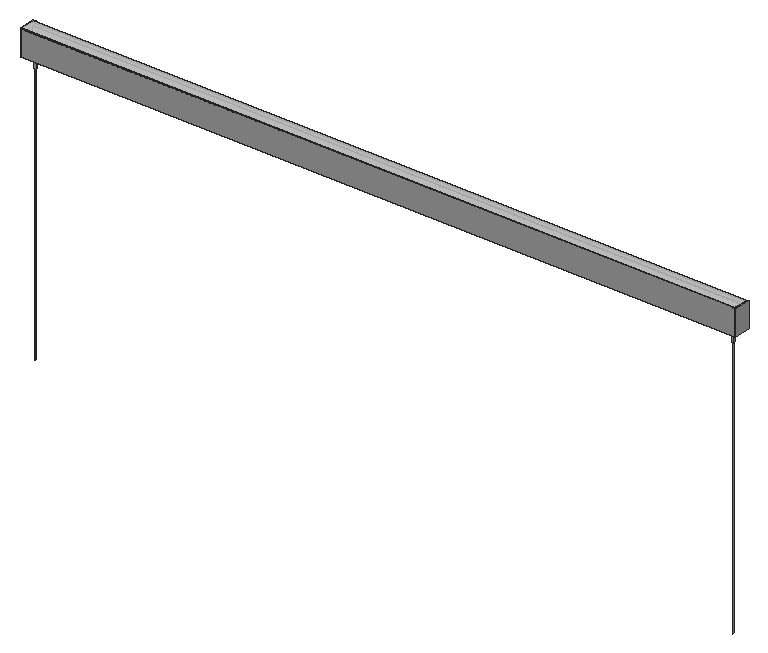
Revit family "2093108 Sylvania Lighting Fixture MC2-KIT D I 2-4M 3K DALIEM WHT OPAL", category Lighting Fixtures, host Face, Revit 2016
Family settings
  Host = Face
  Part Type = Normal
  Round Connector Dimension = Use Diameter
  OmniClass Number = 23.80.70.11.17
  OmniClass Title = Specialized Lighting by Location or Use
  Cut with Voids When Loaded = No
  Light Source = Yes
  Shared = No
  Room Calculation Point = No
Parameters (values of type "2093108 MC2-KIT D/I 2.4M 3K DALIEM WHT OPAL Emergency mode")
  Width_SYL = 54.0 mm
  Weight = "6.6 kg"
  Wattage = 67 W
  WarrantyStartDate [instance] = "n/a"
  WarrantyGuarantorParts = "n/a"
  WarrantyDurationUnit = "n/a"
  WarrantyDurationParts = "n/a"
  WarrantyDescription = "n/a"
  built-in parameter 1150110 = 1 (stored number, unit not read)
  Voltage = 0 V
  URL = "http://www.sylvania-lighting.com"
  TypeName = "MC2-KIT D/I 2.4M 3K DALIEM WHT OPAL Emergency mode"
  built-in parameter 1114217 = 1 (stored number, unit not read)
  Tilt Angle = -90.00°
  built-in parameter 1150109 = 1 (stored number, unit not read)
  built-in parameter 1150134 = (empty or 0)
  built-in parameter 1150113 = 1 (stored number, unit not read)
  SerialNumber [instance] = "n/a"
  PowerFactor = 0.95
  PowerConsumption = "67 W"
  NominalWidth = 0.0 mm
  NominalLength = 2400.0 mm
  NominalHeight = 86.0 mm
  Name = "MC2-KIT D/I 2.4M 3K DALIEM WHT OPAL Emergency mode"
  ModelReference = "MC2-KIT D/I 2.4M 3K DALIEM WHT OPAL"
  ModelNumber = "2093108"
  Material_3_SYL = Metal_Sylvania_Mini Contiuum II_Silver
  Photometric Web File = "2093108EM.ies"
  Material_4_SYL = Metal_Sylvania_Mini Contiuum II_Silver
  MountingHeight_SYL [instance] = 1000.0 mm
  Material = "aluminium housing, polycarbonate diffuser"
  ManufacturerName = "Feilo Sylvania"
  LuminousEfficacy = "1.805 lm/W"
  LuminaireType = ""
  LightOutputRatio = "100"
  Length_SYL = 2400.0 mm
  LampsType = Lamp  # "LED"
  LampNominalLuminous = "121 lm"
  LampMacAdamStep = "3"
  LampColourTemperature = "3000 K"
  LampColourRenderingIndex = "80"
  Keynote = "16500"
  InstallationDate [instance] = "n/a"
  InputVoltage = "n/a"
  InputNominalFrequency = "n/a"
  IngressProtection = "IP20"
  ImpactProtectionIndex = "n/a"
  IfcExportType = "IfcLightFixtureType"
  IfcExportAs = "IfcLightFixtureType"
  Height_SYL = 86.0 mm
  ExpectedLife = 50000
  EndCapRight_SYL = yes
  EndCapLeft_SYL = yes
  Emit from Rectangle Width = Width_SYL - 2.0 mm  # 52.0 mm
  Emit from Rectangle Length = Length_SYL  # 2400.0 mm
  Emit Shape Visible in Rendering = no
  ElectricShockClassification = "Class I"
  DurationUnit = "hours"
  DocumentationLiterature = "http://www.sylvania-lighting.com/product/en-int/products/2093108"
  DimmingControlOptions = "n/a"
  CreatedOn = "10/15/2018"
  CreatedBy = "@sylvania-lighting.com"
  built-in parameter 1114216 [instance] = 1 (stored number, unit not read)
  Model = "MC2-KIT D/I 2.4M 3K DALIEM WHT OPAL"
  Manufacturer = "Feilo Sylvania"
  built-in parameter 1150105 = 9.6289 (stored number, unit not read)
  Lumens = 121 lm
  built-in parameter 1150115 = 1 (stored number, unit not read)
  built-in parameter 1150137 = (empty or 0)
  built-in parameter 1150139 = (empty or 0)
  built-in parameter 1150112 = 1 (stored number, unit not read)
  built-in parameter 1150114 = 1 (stored number, unit not read)
  Lamp = "LED"
  built-in parameter 1150132 = 2
  built-in parameter 1150102 = (empty or 0)
  built-in parameter 1150107 = 3000 (stored number, unit not read)
  built-in parameter 1150138 = (empty or 0)
  built-in parameter 1150106 = 0.096289 (stored number, unit not read)
  Material_1_SYL = Metal_Sylvania_Mini Continuum II_White
  built-in parameter 1150104 = 0.16778 (stored number, unit not read)
  Dimming Lamp Color Temperature Shift = <None>
  Material_2_SYL = Polycarbonate_Sylvania_Mini Continuum II_Opal_4000K
  Description = "2093108   MC2-KIT D/I 2.4M 3K DALIEM WHT OPAL  Continuous lines of LED light, white RAL 9016, direct/indirect distribution (65/35), suspended kit version is pre-wired and supplied complete with end caps and suspension cables, compact and minimalist design based on the Golden Mean, ideal for offices, meeting rooms, corridors, education facilities, museums and libraries, extruded aluminium body, diffuser: opal, colour temperature: 3000K warm white, total system power: 67W, total fixture output: 7666lm, luminaire efficacy: 114lm/W, LOR: 100%, colour rendering: Ra >80, LED Chromacity: 1 step MacAdam ellipse, lifetime: 60,000 hours at 90% of the original output (L90), energy class: A++, A+, A, IR/UV free light source without heat radiation, operating voltage: 220-240V / 50-60Hz, drive current: (Direct) 800mA + (Indirect) 350mA, electronic driver, DALI dimmable, direct/indirect independently addressable, integral emergency: 3 hour maintained, electrical protection: CLASS I, IP20, suitable for internal environment only."
  Default Elevation = 0.0 mm
  Color Filter = 16777215
  built-in parameter 1140040 [instance] = 1
  BarCode [instance] = "n/a"
  built-in parameter 1114218 = 1 (stored number, unit not read)
  built-in parameter 1150133 = 10 (stored number, unit not read)
  AssetType = "Fixed"
  AssetIdentifier [instance] = "n/a"
  Assembly Code = "D5020200"
  Apparent Load = 67 VA
Types (2, lengths in mm): name | TypeName | Name | Photometric Web File | LuminousEfficacy | LampNominalLuminous | built-in parameter 1150105 | Lumens | built-in parameter 1150106 | built-in parameter 1150104
  2093108 MC2-KIT D/I 2.4M 3K DALIEM WHT OPAL Emergency mode | "MC2-KIT D/I 2.4M 3K DALIEM WHT OPAL Emergency mode" | "MC2-KIT D/I 2.4M 3K DALIEM WHT OPAL Emergency mode" | "2093108EM.ies" | "1.805 lm/W" | "121 lm" | 9.6289 (stored number, unit not read) | 121 lm | 0.096289 (stored number, unit not read) | 0.16778 (stored number, unit not read)
  2093108 MC2-KIT D/I 2.4M 3K DALIEM WHT OPAL | "MC2-KIT D/I 2.4M 3K DALIEM WHT OPAL" | "MC2-KIT D/I 2.4M 3K DALIEM WHT OPAL" | "2093108.ies" | "114 lm/W" | "7666 lm" | 607.81 (stored number, unit not read) | 7638 lm | 6.0781 (stored number, unit not read) | 10.591 (stored number, unit not read)
Reference planes
  plane 1 "Center (Front/Back)": y = 0
  plane 2 "Bottom Fixtures": z = 0
  plane 3 "Center (Left/Right)": x = 0
  plane 4 "Fixture Left": x = -1200
  plane 5 "Fixture Right": x = 1200
  plane 6 "Fixture Bottom": z = 1000
  plane 7: z = 998
  plane 8: z = 996
  plane 9: z = 986.951
  plane 10: z = 956.951
  plane 11 "Fixture Top": z = 914
  plane 12 "Mounting Right": x = 1172
  plane 13 "Mounting Left": x = -1172
  plane 14: z = 879
  plane 15: y = 27
  plane 16: y = -27
  plane 17: y = -26
  plane 18: y = -25
  plane 19: y = 26
  plane 20: y = 25
  plane 21: y = 11
  plane 22: y = -11
  plane 23: y = 24
  plane 24: y = 22
  plane 25: y = -22
  plane 26: y = 15
  plane 27: y = -15
  plane 28 "Upper Diffuser Left": x = -1050
  plane 29 "Upper Diffuser Right": x = 1050
  plane 30: x = -1202
  plane 31: x = 1202
Forms (mm)
  Extrusion 1, solid, material "Metal_Sylvania_Mini Continuum II_White" <- "Material_1_SYL", detail levels fine
    sketch origin (0, 0, 520) x (0, 1, 0) y (0, 0, 1)
      loop
        line (27, 480) -> (26, 480) -> (26, 478) -> (25, 478) -> (25, 396) -> (13, 396) -> (13, 398) -> (-13, 398) -> (-13, 396) -> (-25, 396) -> (-25, 478) -> (-26, 478) -> (-26, 480) -> (-27, 480) -> (-27, 394) -> (-11, 394) -> (-11, 396) -> (11, 396) -> (11, 394) -> (27, 394) -> (27, 480)
    from -1200 to 1200
  Extrusion 2, solid, material "Polycarbonate_Sylvania_Mini Continuum II_Opal_4000K" <- "Material_2_SYL", detail levels fine
    sketch origin (0, 0, 520) x (0, 1, 0) y (0, 0, 1)
      loop
        line (-26, 480) -> (-26, 478) -> (26, 478) -> (26, 480) -> (-26, 480)
    from -1200 to 1200
  Extrusion 3, solid, material "Metal_Sylvania_Mini Contiuum II_Silver" <- "Material_3_SYL", detail levels fine
    sketch origin (0, 0, 520) x (0, 1, 0) y (0, 0, 1)
      loop
        line (22, 466.951) -> (20.973, 466.951) -> (14.206, 437.951) -> (11, 437.951) -> (11, 436.951) -> (15, 436.951) -> (22, 466.951)
      loop
        line (-15, 436.951) -> (-11, 436.951) -> (-11, 437.951) -> (-14.206, 437.951) -> (-20.973, 466.951) -> (-22, 466.951) -> (-15, 436.951)
    from -1200 to 1200
  Extrusion 4, solid, material "Metal_Sylvania_Mini Continuum II_White" <- "Material_1_SYL", detail levels coarse+medium
    sketch origin (0, 0, 520) x (0, 1, 0) y (0, 0, 1)
      loop
        line (-27, 480) -> (-27, 394) -> (27, 394) -> (27, 480) -> (-27, 480)
    from -1200 to 1200
  Extrusion 5, solid, material "Metal_Sylvania_Mini Contiuum II_Silver" <- "Material_4_SYL", detail levels fine
    sketch origin (0, 0, -86) x (-1, 0, 0) y (0, -1, 0)
      loop
        circle (1172, 0) r 4
      loop
        circle (-1172, 0) r 4
    from 965 to 1002
  Extrusion 6, solid, material "Metal_Sylvania_Mini Contiuum II_Silver" <- "Material_4_SYL", detail levels fine
    sketch origin (0, 0, -86) x (-1, 0, 0) y (0, -1, 0)
      loop
        circle (-1172, 0) r 1
      loop
        circle (1172, 0) r 1
    from 86 to 965
  Extrusion 7, solid, material "Polycarbonate_Sylvania_Mini Continuum II_Opal_4000K" <- "Material_2_SYL", detail levels fine
    sketch origin (0, 0, 0) x (0, 1, 0) y (0, 0, 1)
      loop
        arc (11, 916) -> (5.59, 914.504) -> (0, 914) r 31.25
        arc (0, 914) -> (-5.59, 914.504) -> (-11, 916) r 31.25
        line (-11, 916) -> (-11, 914.934)
        arc (-11, 914.934) -> (-5.584, 913.487) -> (0, 913) r 32.25
        arc (0, 913) -> (5.584, 913.487) -> (11, 914.934) r 32.25
        line (11, 914.934) -> (11, 916)
    from -1050 to 1050
  Extrusion 8, void
    sketch origin (0, 0, 0) x (0, 1, 0) y (0, 0, 1)
      loop
        line (11, 918) -> (-11, 918) -> (-11, 916) -> (11, 916) -> (11, 918)
    from -1050 to 1050
  Extrusion 9, solid, material "Metal_Sylvania_Mini Continuum II_White" <- "Material_1_SYL", visible <- "EndCapLeft_SYL"
    sketch origin (-1200, 171.684, 1219.2) x (0, 1, 0) y (0, 0, 1)
      loop
        line (-198.684, -305.2) -> (-144.684, -305.2) -> (-144.684, -219.2) -> (-198.684, -219.2) -> (-198.684, -305.2)
    from 0 to -2
  Extrusion 10, solid, material "Metal_Sylvania_Mini Continuum II_White" <- "Material_1_SYL", visible <- "EndCapRight_SYL"
    sketch origin (1200, 171.684, 1219.2) x (0, 1, 0) y (0, 0, -1)
      loop
        line (-144.684, 219.2) -> (-144.684, 305.2) -> (-198.684, 305.2) -> (-198.684, 219.2) -> (-144.684, 219.2)
    from 0 to -2
Cuts and joins
  Extrusion 8 cuts Extrusion 1
Lines and regions (mm)
  Masking region 1
    outline origin (0, 0, -86) x (-1, 0, 0) y (0, -1, 0)
      loop
        line (1200, -27) -> (1200, 27) -> (-1200, 27) -> (-1200, -27) -> (1200, -27)
  symbolic lines, detail levels fine
    curve 1: line (-1200, 26, -86) -> (1200, 26, -86)
    curve 2: line (-1200, -26, -86) -> (1200, -26, -86)
  model lines, detail levels coarse+medium
    curve 3: line (-1172, 0, 914) -> (-1172, 0, 0)
    curve 4: line (1172, 0, 914) -> (1172, 0, 0)
Dimensions and locks
  host sketch curve to plane 3 "Center (Left/Right)" to host sketch curve = 820.0 mm, 775.047 mm
  equal spacing: plane 4 "Fixture Left", plane 3 "Center (Left/Right)", plane 5 "Fixture Right"
  "Length_SYL": plane 4 "Fixture Left" to plane 5 "Fixture Right"
  plane 6 "Fixture Bottom" to plane 7 to plane 8 to plane 9 to plane 10 = 2.0 mm locked, 2.0 mm locked, 9.049 mm locked, 30.0 mm locked
  locked: Extrusion 1 sketch curve to Extrusion 1 sketch curve at 2
  locked: Extrusion 1 sketch curve to plane 11 "Fixture Top" at 2
  "Height_SYL": plane 6 "Fixture Bottom" to plane 11 "Fixture Top"
  locked: plane 12 "Mounting Right" to plane 5 "Fixture Right" at 28
  locked: plane 4 "Fixture Left" to plane 13 "Mounting Left" at 28
  locked: plane 11 "Fixture Top" to plane 14 at 35
  "MountingHeight_SYL": plane 6 "Fixture Bottom" to plane 2 "Bottom Fixtures"
  equal spacing: plane 15, plane 1 "Center (Front/Back)", plane 16
  "Width_SYL": plane 15 to plane 16
  plane 22 to plane 27 to plane 25 to plane 18 to plane 17 to plane 16 = 4.0 mm locked, 7.0 mm locked, 3.0 mm locked, 1.0 mm locked, 1.0 mm locked
  plane 15 to plane 19 to plane 20 to plane 23 to plane 24 to plane 26 to plane 21 = 1.0 mm locked, 1.0 mm locked, 1.0 mm locked, 2.0 mm locked, 7.0 mm locked, 4.0 mm locked
  locked: plane 4 "Fixture Left" to plane 28 "Upper Diffuser Left" at 150
  locked: plane 29 "Upper Diffuser Right" to plane 5 "Fixture Right" at 150
  equal spacing: plane 30, plane 3 "Center (Left/Right)", plane 31
  locked: plane 30 to plane 4 "Fixture Left" at 2
  aligned and locked: plane 2 "Bottom Fixtures" to host face
  aligned and locked: level to host face
  aligned and locked: plane 5 "Fixture Right" to curve 1
  aligned and locked: plane 4 "Fixture Left" to curve 1
  aligned and locked: plane 4 "Fixture Left" to curve 2
  aligned and locked: plane 5 "Fixture Right" to curve 2
  aligned and locked: Extrusion 1 sketch curve to plane 7
  aligned and locked: plane 6 "Fixture Bottom" to Extrusion 1 sketch curve  (x2)
  aligned and locked: plane 7 to Extrusion 1 sketch curve
  aligned and locked: Extrusion 1 to Extrusion 2 sketch curve
  aligned and locked: Extrusion 2 sketch curve to Extrusion 1  (x3)
  aligned and locked: Extrusion 3 sketch curve to plane 10
  aligned and locked: plane 9 to Extrusion 3 sketch curve
  aligned and locked: Extrusion 3 sketch curve to plane 9
  aligned and locked: Extrusion 4 sketch curve to plane 6 "Fixture Bottom"
  aligned and locked: Extrusion 4 to plane 4 "Fixture Left"
  aligned and locked: Extrusion 2 to plane 4 "Fixture Left"
  aligned and locked: Extrusion 3 to plane 4 "Fixture Left"
  aligned and locked: Extrusion 1 to plane 4 "Fixture Left"
  aligned and locked: Extrusion 4 to plane 5 "Fixture Right"
  aligned and locked: Extrusion 2 to plane 5 "Fixture Right"
  aligned and locked: Extrusion 3 to plane 5 "Fixture Right"
  aligned and locked: Extrusion 1 to plane 5 "Fixture Right"
  aligned and locked: plane 11 "Fixture Top" to Extrusion 4 sketch curve
  aligned and locked: Extrusion 1 sketch curve to plane 11 "Fixture Top"  (x2)
  aligned and locked: Extrusion 1 sketch curve to Extrusion 1 sketch curve
  aligned and locked: plane 6 "Fixture Bottom" to imposter light
  aligned and locked: plane 11 "Fixture Top" to curve 3
  aligned and locked: plane 2 "Bottom Fixtures" to curve 3
  aligned and locked: plane 11 "Fixture Top" to curve 4
  aligned and locked: plane 2 "Bottom Fixtures" to curve 4
  aligned and locked: curve 4 to plane 12 "Mounting Right"
  aligned and locked: curve 3 to plane 13 "Mounting Left"
  aligned and locked: Extrusion 5 to Extrusion 1
  aligned and locked: Extrusion 5 to plane 14
  aligned and locked: plane 14 to Extrusion 6
  aligned and locked: Extrusion 6 to level
  aligned and locked: plane 11 "Fixture Top" to Extrusion 7 sketch curve
  aligned and locked: Extrusion 7 to plane 28 "Upper Diffuser Left"
  aligned and locked: Extrusion 7 to plane 29 "Upper Diffuser Right"
  aligned and locked: plane 21 to Extrusion 3 sketch curve
  aligned and locked: Extrusion 3 sketch curve to plane 22
  aligned and locked: Extrusion 8 sketch curve to plane 21
  aligned and locked: Extrusion 8 sketch curve to plane 22
  aligned and locked: Extrusion 8 sketch curve to Extrusion 1  (x2)
  aligned and locked: Extrusion 8 to Extrusion 7  (x2)
  aligned and locked: plane 21 to Extrusion 7 sketch curve
  aligned and locked: plane 1 "Center (Front/Back)" to Extrusion 7 sketch curve
  aligned and locked: plane 22 to Extrusion 7 sketch curve
  aligned and locked: Extrusion 9 sketch curve to Extrusion 4  (x4)
  aligned and locked: Extrusion 9 to plane 30
  aligned and locked: plane 4 "Fixture Left" to Extrusion 9
  aligned and locked: Extrusion 10 sketch curve to Extrusion 4  (x4)
  aligned and locked: plane 31 to Extrusion 10
  aligned and locked: plane 5 "Fixture Right" to Extrusion 10
Automatic sketch dimensions
  host sketch curve to host sketch curve = 1047.463 mm
  plane 19 to curve 1 = 0.0 mm
  curve 2 to plane 17 = 0.0 mm
  Masking region 1 sketch curve to plane 5 "Fixture Right" = 0.0 mm
  Masking region 1 sketch curve to plane 4 "Fixture Left" = 0.0 mm
  plane 15 to Masking region 1 sketch curve = 0.0 mm
  Masking region 1 sketch curve to plane 16 = 0.0 mm
  Extrusion 1 sketch curve to plane 16 = 0.0 mm
  Extrusion 1 sketch curve to plane 17 = 0.0 mm
  Extrusion 1 sketch curve to plane 18 = 0.0 mm
  Extrusion 1 sketch curve to plane 22 = 0.0 mm
  Extrusion 1 sketch curve to plane 21 = 0.0 mm
  Extrusion 1 sketch curve to plane 20 = 0.0 mm
  Extrusion 1 sketch curve to plane 19 = 0.0 mm
  Extrusion 1 sketch curve to plane 15 = 0.0 mm
  plane 11 "Fixture Top" to Extrusion 1 sketch curve = 2.0 mm
  Extrusion 1 sketch curve to plane 22 = 2.0 mm
  Extrusion 1 sketch curve to plane 21 = 2.0 mm
  Extrusion 3 sketch curve to plane 25 = 0.0 mm
  Extrusion 3 sketch curve to plane 27 = 0.0 mm
  Extrusion 3 sketch curve to plane 26 = 0.0 mm
  Extrusion 3 sketch curve to plane 24 = 0.0 mm
  plane 10 to Extrusion 3 sketch curve = 1.0 mm
  Extrusion 3 sketch curve to Extrusion 3 sketch curve = 1.027 mm
  plane 27 to Extrusion 3 sketch curve = 0.794 mm
  plane 26 to Extrusion 3 sketch curve = 0.794 mm
  plane 24 to Extrusion 3 sketch curve = 1.027 mm
  Extrusion 4 sketch curve to plane 16 = 0.0 mm
  Extrusion 4 sketch curve to plane 15 = 0.0 mm
  plane 1 "Center (Front/Back)" to Extrusion 5 sketch curve = 0.0 mm  (x2)
  Extrusion 5 sketch curve to plane 12 "Mounting Right" = 0.0 mm
  Extrusion 5 sketch curve to plane 13 "Mounting Left" = 0.0 mm
  plane 1 "Center (Front/Back)" to Extrusion 6 sketch curve = 0.0 mm  (x2)
  Extrusion 6 sketch curve to plane 12 "Mounting Right" = 0.0 mm
  Extrusion 6 sketch curve to plane 13 "Mounting Left" = 0.0 mm
  Extrusion 7 sketch curve to Extrusion 7 sketch curve = 0.0 mm  (x4)
  plane 11 "Fixture Top" to Extrusion 7 sketch curve = 0.934 mm
  Extrusion 3 sketch curve to Extrusion 3 sketch curve = 0.0 mm
  Extrusion 3 sketch curve to plane 10 = 0.0 mm
  plane 11 "Fixture Top" to Extrusion 7 sketch curve = 2.0 mm
  radius of Extrusion 5 sketch curve = 4.0 mm  (x2)
  radius of Extrusion 6 sketch curve = 1.0 mm  (x2)
Connectors
  electrical at (1200, 0, 949), driven by "Apparent Load"
    settings: on Extrusion 1, index 1, voltage 230 V, apparent load 0 VA, apparent load phase1 67 VA, apparent load phase2 0 VA, apparent load phase3 0 VA, power factor 1, load classification "Lighting", number of poles 1, system type 31, power factor state 1, is connector primary yes, connector utility no, sub classification motor no, connector description ""
